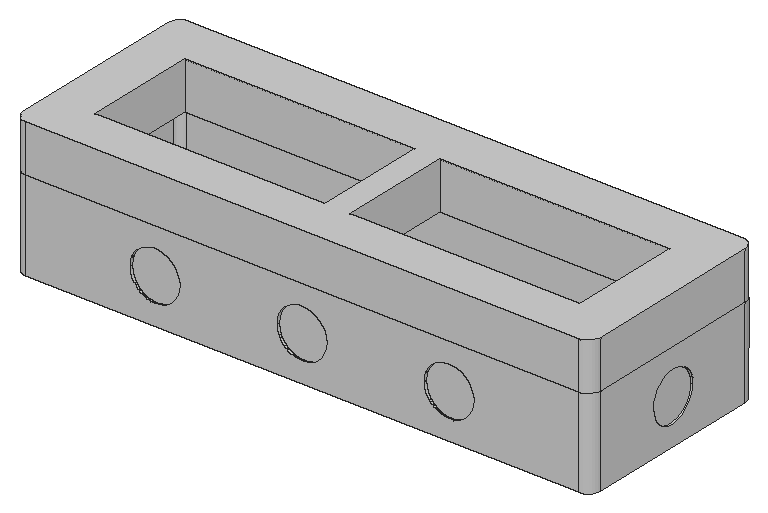
Revit family "Domotics-SerieCivili-GEWISS-27COMBI_SYSTEM-IP40_3P+3P_4P+4P_ORIZ", category Apparecchi elettrici, host Superficie, Revit 2016
Family settings
  Host = Superficie
  Mantenere orientamento annotazione = No
  Tipo di parte = Normale
  Quota connettore circolare = Usa diametro
  Numero OmniClass = 23.80.30.14.24
  Titolo OmniClass = Junction Boxes
  Taglio con vuoti quando caricato = Sì
  Condiviso = No
  Punto di calcolo locali = No
Parameters (values of type "GW27006 - 4x2 posti orizzontali")
  Viti coperchio = "Acciaio resistente alla corrosione"
  Versione file RFA = "19.4"
  URL = "https://www.gewiss.com/it/it"
  Tipo sfondabili = "Asportabili con utensile"
  Tipo = SYSTEM CONTENITORI IP40 2P H_BASE : GW27006 - 4x2 posti orizzontali
  Termopressione con biglia = "70 °C"
  Temperatura di installazione = "-25 +60 °C"
  Scheda Tecnica = "https://www.gewiss.com/it/it/search?q=GW27006"
  SEO = "Contenitore"
  SCATOLA = GEWISS GRIGIO
  Resistenza agli urti = "IK07"
  Produttore = "GEWISS S.p.A."
  Predisposizione scomparti = "2"
  Offset contenitore [instance] = 0 mm
  Offset bidimensionale [instance] = Offset contenitore + 55 mm  # 55 mm
  Norma di riferimento: = "EN 60670-1"
  N. fori Ã˜ 23 sfondabili: = "Laterali 10 / Sul fondo 2"
  N. fori Ã˜ 23 sfondabili = "10"
  Modello = "GW27006"
  Larghezza scatola = 231 mm
  IFC.TypeObject = ""
  IFC.ExportType = ""
  IFC.ExportAs = ""
  IDT = "6f7883e7-52d8-43d5-a5dc-da2a76c29509"
  IDF = "aca4ac36-e89d-4681-96af-a484c4e60e12"
  Grado di protezione = "IP40"
  Glow Wire Test = "650°C"
  Distanza simbolo [instance] = 231.658 mm
  Default Elevation = 1219.2 mm
  Immagine tipo = GW27006.jpg
  Dimensioni BxHxP (mm) = "231x82x55"
  Dim. esterne BxHxP (mm) = "231x82x55"
  Descrizione: = "8 posti"
  Descrizione = "CONTENITORE 8(4X2) POSTI ORIZZ.PROT."
  Creato da GEWISS S.p.A. = ""
  Coppia serraggio viti = "0,8NM"
  Configurazione = "Modulo 4 x 2"
  Colore = "Grigio RAL 7035"
  Codice Electrocod = "0212"
  Codice EAN = "8011564055292"
  Classe isolamento = "II"
  Catalogo Serie = "27COMBI"
  Catalogo = "DOMOTICS"
  Caratteristiche = "Halogen free"
  COBie.Tagnumber = ""
  COBie.CreatedOn = ""
  COBie.CreatebBy = ""
  COBie.ComponentRegisterItemID = ""
  COBie.Component.TagNumber = ""
  COBie.Component.Space = ""
  COBie.Component.SerialNumber = ""
  COBie.Component.InstallationDate = ""
  COBie.Component.Description = ""
  COBie.Component.BarCode = ""
  Bidimensionale = bidimensionale system contenitori IP40 2PH : 4P
  Altezza simbolo [instance] = 102.729 mm
Types (2, lengths in mm): name | Tipo | Scheda Tecnica | N. fori Ã˜ 23 sfondabili: | N. fori Ã˜ 23 sfondabili | Modello | Larghezza scatola | IDT | Immagine tipo | Dimensioni BxHxP (mm) | Dim. esterne BxHxP (mm) | Descrizione: | Descrizione | Configurazione | Codice EAN | Bidimensionale
  GW27005 - 3x2 posti orizzontali | SYSTEM CONTENITORI IP40 2P H_BASE : GW27005 - 3x2 posti orizzontali | "https://www.gewiss.com/it/it/search?q=GW27005" | "Laterali 8 / Sul fondo 2" | "8" | "GW27005" | 198 | "51286d17-6fda-4b61-9aa4-a316d1e4aca8" | GW27005.jpg | "198x82x55" | "198x82x55" | "6 posti" | "CONTENITORE 6(3X2) POSTI ORIZZ.PROT." | "Modulo 3 x 2" | "8011564055285" | bidimensionale system contenitori IP40 2PH : 3P
  GW27006 - 4x2 posti orizzontali | SYSTEM CONTENITORI IP40 2P H_BASE : GW27006 - 4x2 posti orizzontali | "https://www.gewiss.com/it/it/search?q=GW27006" | "Laterali 10 / Sul fondo 2" | "10" | "GW27006" | 231 | "6f7883e7-52d8-43d5-a5dc-da2a76c29509" | GW27006.jpg | "231x82x55" | "231x82x55" | "8 posti" | "CONTENITORE 8(4X2) POSTI ORIZZ.PROT." | "Modulo 4 x 2" | "8011564055292" | bidimensionale system contenitori IP40 2PH : 4P
Reference planes
  plane 1 "Centro (Fronte/Retro)": y = 0
  plane 2: z = 0
  plane 3 "Centro (Sinistra/Destra)": x = 0
  plane 4: z = 0
  plane 5 "piano bidimensionale": z = 55
  plane 6 "1": y = 41
  plane 7 "2": y = -41
  plane 8: x = -115.5
  plane 9: x = 115.5
Forms (mm)
  Extrusion 1, solid, material "GEWISS GRIGIO" <- "SCATOLA", detail levels coarse
    sketch origin (0, 0, 55) x (0, -1, 0) y (1, 0, 0)
      loop
        arc (-41, -110.5) -> (-39.536, -114.036) -> (-36, -115.5) r 5
        line (-36, -115.5) -> (36, -115.5)
        arc (36, -115.5) -> (39.536, -114.036) -> (41, -110.5) r 5
        line (41, -110.5) -> (41, 110.5)
        arc (41, 110.5) -> (39.536, 114.036) -> (36, 115.5) r 5
        line (36, 115.5) -> (-36, 115.5)
        arc (-36, 115.5) -> (-39.536, 114.036) -> (-41, 110.5) r 5
        line (-41, 110.5) -> (-41, -110.5)
    from -55 to 0
Lines and regions (mm)
  Masking region 1
    outline origin (0, 0, 0) x (1, 0, 0) y (0, 0, 1)
      loop
        line (-115.5, 55) -> (-115.5, 0) -> (115.5, 0) -> (115.5, 55) -> (-115.5, 55)
  Masking region 2
    outline origin (0, 0, 0) x (0, 1, 0) y (0, 0, 1)
      loop
        line (-41, 0) -> (41, 0) -> (41, 55) -> (-41, 55) -> (-41, 0)
  Masking region 3, detail levels medium+fine
    outline origin (0, 0, 0) x (1, 0, 0) y (0, 0, 1)
      loop
        circle (0, 18.003) r 10
  Masking region 4, detail levels medium+fine
    outline origin (0, 0, 0) x (1, 0, 0) y (0, 0, 1)
      loop
        circle (75.33, 17.807) r 10
      loop
        circle (-75.33, 17.807) r 10
  Masking region 5, detail levels medium+fine
    outline origin (0, 0, 0) x (0, 1, 0) y (0, 0, 1)
      loop
        circle (0, 17.963) r 10
Dimensions and locks
  "Offset contenitore": plane 4 to host face
  "Offset bidimensionale": plane 5 "piano bidimensionale" to plane 2
  "Larghezza scatola": plane 8 to plane 9
  equal spacing: plane 8, plane 3 "Centro (Sinistra/Destra)", plane 9
  locked: plane 6 "1" to plane 7 "2" at 82
  aligned and locked: plane 2 to host face
  aligned and locked: level to host face
  aligned and locked: Extrusion 1 to plane 4
  aligned and locked: plane 5 "piano bidimensionale" to Extrusion 1
  aligned and locked: plane 4 to Extrusion 1  (x5)
  aligned and locked: plane 6 "1" to Extrusion 1
  aligned and locked: Extrusion 1 to plane 8
  aligned and locked: Extrusion 1 to plane 7 "2"
  aligned and locked: plane 3 "Centro (Sinistra/Destra)" to nested 1
  aligned and locked: plane 1 "Centro (Fronte/Retro)" to nested 1
  aligned and locked: Extrusion 1 sketch curve to plane 8
  aligned and locked: plane 5 "piano bidimensionale" to nested 1
  aligned and locked: plane 1 "Centro (Fronte/Retro)" to nested 2
  aligned and locked: plane 3 "Centro (Sinistra/Destra)" to nested 2
  aligned and locked: Extrusion 1 sketch curve to plane 9
  aligned and locked: nested 2 to plane 4
  aligned and locked: Masking region 1 sketch curve to Extrusion 1  (x3)
  aligned and locked: Masking region 2 sketch curve to Extrusion 1  (x3)
  aligned and locked: plane 9 to Masking region 1
Automatic sketch dimensions
  host sketch curve to host sketch curve = 2438.4 mm  (x2)
  Extrusion 1 sketch curve to plane 6 "1" = 0 mm
  Extrusion 1 sketch curve to plane 7 "2" = 0 mm
  Extrusion 1 sketch curve to plane 6 "1" = 5 mm  (x2)
  plane 7 "2" to Extrusion 1 sketch curve = 5 mm
  Extrusion 1 sketch curve to Extrusion 1 sketch curve = 5 mm
  plane 9 to Masking region 1 sketch curve = 0 mm
  Masking region 2 sketch curve to plane 7 "2" = 0 mm
  Masking region 3 sketch curve to plane 3 "Centro (Sinistra/Destra)" = 0 mm
  plane 4 to Masking region 3 sketch curve = 18.003 mm
  plane 4 to Masking region 4 sketch curve = 17.807 mm  (x2)
  plane 8 to Masking region 4 sketch curve = 40.17 mm
  Masking region 4 sketch curve to plane 9 = 40.17 mm
  Masking region 5 sketch curve to plane 1 "Centro (Fronte/Retro)" = 0 mm
  plane 4 to Masking region 5 sketch curve = 17.963 mm
  radius of Masking region 3 sketch curve = 10 mm
  radius of Masking region 4 sketch curve = 10 mm  (x2)
  radius of Masking region 5 sketch curve = 10 mm
Nested families
  nested 1: "bidimensionale system contenitori IP40 2PH" at (0, 0, 55), type <- "Bidimensionale", type "4P", detail levels coarse
  nested 2: "SYSTEM CONTENITORI IP40 2P H_BASE" at (0, 0, 0), type <- "Tipo", type "GW27006 - 4x2 posti orizzontali"
Connectors
  cabletrayconduit at (-115.5, 0, 18), diameter 20
    settings: on nested 2, index 4, connector width 300 mm, connector height 300 mm, connector angle 0.00°, system type 32, placement type 0, profile type 0, connector reference index -1, is primary connector yes, connector utility param no, connector description ""
  cabletrayconduit at (115.5, 0, 18), diameter 20
    settings: on nested 2, index 8, connector width 300 mm, connector height 300 mm, connector angle 0.00°, system type 32, placement type 0, profile type 0, connector reference index -1, is primary connector no, connector utility param no, connector description ""
  cabletrayconduit at (0, 41, 37.981), diameter 20
    settings: index 9, connector width 300 mm, connector height 300 mm, connector angle 0.00°, system type 32, placement type 0, profile type 0, connector reference index -1, is primary connector no, connector utility param no, connector description ""
  cabletrayconduit at (0, -41, 37.981), diameter 20
    settings: index 10, connector width 300 mm, connector height 300 mm, connector angle 0.00°, system type 32, placement type 0, profile type 0, connector reference index -1, is primary connector no, connector utility param no, connector description ""
  cabletrayconduit at (58.75, 41, 37.981), diameter 20
    settings: index 11, connector width 300 mm, connector height 300 mm, connector angle 0.00°, system type 32, placement type 0, profile type 0, connector reference index -1, is primary connector no, connector utility param no, connector description ""
  cabletrayconduit at (58.75, -41, 37.981), diameter 20
    settings: index 12, connector width 300 mm, connector height 300 mm, connector angle 0.00°, system type 32, placement type 0, profile type 0, connector reference index -1, is primary connector no, connector utility param no, connector description ""
  cabletrayconduit at (-58.83, 41, 37.981), diameter 20
    settings: index 13, connector width 300 mm, connector height 300 mm, connector angle 0.00°, system type 32, placement type 0, profile type 0, connector reference index -1, is primary connector no, connector utility param no, connector description ""
  cabletrayconduit at (-58.83, -41, 37.981), diameter 20
    settings: index 14, connector width 300 mm, connector height 300 mm, connector angle 0.00°, system type 32, placement type 0, profile type 0, connector reference index -1, is primary connector no, connector utility param no, connector description ""
Definition of nested family "SYSTEM CONTENITORI IP40 2P H_BASE"
  Parameters (values of type "GW27005 - 3x2 posti orizzontali")
    SCATOLA = none
    PRESA = none
    Profondità scatola = 55 mm  # constant formula
    Larghezza scatola = 198 mm
    Larghezza foro = 69 mm
    Bidimensionale = 70 mm
    Altezza scatola = 82 mm  # constant formula
    Altezza foro = 45 mm
  Types (2, lengths in mm): name | Larghezza scatola | Larghezza foro
    GW27005 - 3x2 posti orizzontali | 198 | 69
    GW27006 - 4x2 posti orizzontali | 231 | 92
  Reference planes
    plane 1 "Centro (Fronte/Retro)": y = 0
    plane 2: z = 0
    plane 3 "Centro (Sinistra/Destra)": x = 0
    plane 4: y = -41
    plane 5: y = 41
    plane 6: x = -99
    plane 7: x = 99
    plane 8 "PIANO BIDIMENSIONALE": z = 70
    plane 9: z = 55
    plane 10: x = 5
    plane 11: x = 74
    plane 12: y = 21.5
    plane 13: y = -23.5
    plane 14: x = -5
    plane 15: x = -74
    plane 16: x = -58.83
    plane 17: x = 58.83
    plane 18: x = -58.83
    plane 19: x = 58.83
  Forms (mm)
    Extrusion 1, solid, material <- "SCATOLA", detail levels medium+fine
      sketch origin (0, 0, 66) x (0, -1, 0) y (1, 0, 0)
        loop
          arc (-41, -94) -> (-39.536, -97.536) -> (-36, -99) r 5
          line (-36, -99) -> (36, -99)
          arc (36, -99) -> (39.536, -97.536) -> (41, -94) r 5
          line (41, -94) -> (41, 94)
          arc (41, 94) -> (39.536, 97.536) -> (36, 99) r 5
          line (36, 99) -> (-36, 99)
          arc (-36, 99) -> (-39.536, 97.536) -> (-41, 94) r 5
          line (-41, 94) -> (-41, -94)
        loop
          line (36, 97) -> (-36, 97)
          arc (-36, 97) -> (-38.121, 96.121) -> (-39, 94) r 3
          line (-39, 94) -> (-39, -94)
          arc (-39, -94) -> (-38.121, -96.121) -> (-36, -97) r 3
          line (-36, -97) -> (36, -97)
          arc (36, -97) -> (38.121, -96.121) -> (39, -94) r 3
          line (39, -94) -> (39, 94)
          arc (39, 94) -> (38.121, 96.121) -> (36, 97) r 3
      from -66 to -30
    Extrusion 2, void, detail levels medium+fine
      sketch origin (0, 0, 0) x (0, 1, 0) y (0, 0, 1)
        loop
          circle (0, 18) r 10
      from 97.911 to 99
    Extrusion 3, void, detail levels medium+fine
      sketch origin (-81, 0, 0) x (0, 1, 0) y (0, 0, 1)
        loop
          circle (0, 18) r 10
      from -18 to -16.896
    Extrusion 4, void
      sketch origin (0, 0, 0) x (1, 0, 0) y (0, 0, 1)
        loop
          circle (0, 18) r 10
        loop
          circle (58.83, 18) r 10
        loop
          circle (-58.83, 18) r 10
      from 40.113 to 41
    Extrusion 5, solid, material <- "SCATOLA", detail levels medium+fine
      sketch origin (0, 0, 0) x (1, 0, 0) y (0, 1, 0)
        loop
          line (-97, 36) -> (-97, -36)
          arc (-97, -36) -> (-96.121, -38.121) -> (-94, -39) r 3
          line (-94, -39) -> (94, -39)
          arc (94, -39) -> (96.121, -38.121) -> (97, -36) r 3
          line (97, -36) -> (97, 36)
          arc (97, 36) -> (96.121, 38.121) -> (94, 39) r 3
          line (94, 39) -> (-94, 39)
          arc (-94, 39) -> (-96.121, 38.121) -> (-97, 36) r 3
      from 0 to 2
    Extrusion 6, solid, material <- "SCATOLA", detail levels medium+fine
      sketch origin (0, 0, 70) x (-1, 0, 0) y (0, -1, 0)
        loop
          line (99, -36) -> (99, 36)
          arc (99, 36) -> (97.536, 39.536) -> (94, 41) r 5
          line (94, 41) -> (-94, 41)
          arc (-94, 41) -> (-97.536, 39.536) -> (-99, 36) r 5
          line (-99, 36) -> (-99, -36)
          arc (-99, -36) -> (-97.536, -39.536) -> (-94, -41) r 5
          line (-94, -41) -> (94, -41)
          arc (94, -41) -> (97.536, -39.536) -> (99, -36) r 5
        loop
          line (5, 23.5) -> (5, -21.5) -> (74, -21.5) -> (74, 23.5) -> (5, 23.5)
        loop
          line (-5, 23.5) -> (-74, 23.5) -> (-74, -21.5) -> (-5, -21.5) -> (-5, 23.5)
      from -34 to -15
    Extrusion 7, void
      sketch origin (0, 0, 0) x (1, 0, 0) y (0, 0, -1)
        loop
          circle (0, -18) r 10
        loop
          circle (58.83, -18) r 10
        loop
          circle (-58.83, -18) r 10
      from 40.113 to 41
  Cuts and joins
    Extrusion 2, Extrusion 3, Extrusion 4, Extrusion 7 cuts Extrusion 1
  Lines and regions (mm)
    Masking region 1
      outline origin (0, 0, 70) x (-1, 0, 0) y (0, -1, 0)
        loop
          line (-94, -41) -> (94, -41)
          arc (94, -41) -> (97.536, -39.536) -> (99, -36) r 5
          line (99, -36) -> (99, 36)
          arc (99, 36) -> (97.536, 39.536) -> (94, 41) r 5
          line (94, 41) -> (-94, 41)
          arc (-94, 41) -> (-97.536, 39.536) -> (-99, 36) r 5
          line (-99, 36) -> (-99, -36)
          arc (-99, -36) -> (-97.536, -39.536) -> (-94, -41) r 5
        loop
          circle (-94, 36) r 2
        loop
          circle (-94, -36) r 2
        loop
          circle (94, -36) r 2
        loop
          circle (94, 36) r 2
        loop
          line (5, 23.5) -> (5, -21.5) -> (74, -21.5) -> (74, 23.5) -> (5, 23.5)
        loop
          line (-5, 23.5) -> (-74, 23.5) -> (-74, -21.5) -> (-5, -21.5) -> (-5, 23.5)
    Masking region 2
      outline origin (0, 0, 70) x (-1, 0, 0) y (0, -1, 0)
        loop
          line (74, -21.5) -> (74, 23.5) -> (5, 23.5) -> (5, -21.5) -> (74, -21.5)
        loop
          line (-5, -21.5) -> (-5, 23.5) -> (-74, 23.5) -> (-74, -21.5) -> (-5, -21.5)
        loop
          circle (94, -36) r 2
        loop
          circle (94, 36) r 2
        loop
          circle (-94, 36) r 2
        loop
          circle (-94, -36) r 2
  Dimensions and locks
    equal spacing: plane 4, plane 1 "Centro (Fronte/Retro)", plane 5
    plane 4 to plane 5 = 82 mm
    equal spacing: plane 6, plane 3 "Centro (Sinistra/Destra)", plane 7
    "Larghezza scatola": plane 6 to plane 7
    equal spacing: plane 5, plane 1 "Centro (Fronte/Retro)", plane 4
    "Altezza scatola": plane 5 to plane 4
    "Bidimensionale": plane 8 "PIANO BIDIMENSIONALE" to level
    "Profondità scatola": plane 9 to plane 2
    "Larghezza foro": plane 10 to plane 11
    "Altezza foro": plane 12 to plane 13
    "Larghezza foro": plane 15 to plane 14
    locked: plane 14 to plane 10 at 10
    equal spacing: plane 17, plane 3 "Centro (Sinistra/Destra)", plane 16
    locked: cut or joined group of Extrusion 1, Extrusion 2, Extrusion 3, Extrusion 4, Extrusion 7 to Extrusion 6 at 1.089
    locked: Extrusion 6 to cut or joined group of Extrusion 1, Extrusion 2, Extrusion 3, Extrusion 4, Extrusion 7 at 1.104
    plane 19 to plane 18 = 117.659 mm
    aligned and locked: level to plane 2
    aligned and locked: plane 7 to Extrusion 2
    aligned and locked: Extrusion 4 to plane 4
    aligned and locked: Extrusion 5 to cut or joined group of Extrusion 1, Extrusion 2, Extrusion 3, Extrusion 4, Extrusion 7  (x4)
    aligned and locked: Extrusion 3 to plane 6
    aligned and locked: cut or joined group of Extrusion 1, Extrusion 2, Extrusion 3, Extrusion 4, Extrusion 7 to plane 2
    aligned and locked: Extrusion 1 to level
    aligned and locked: Extrusion 6 sketch curve to cut or joined group of Extrusion 1, Extrusion 2, Extrusion 3, Extrusion 4, Extrusion 7  (x4)
    aligned and locked: Extrusion 6 sketch curve to plane 12
    aligned and locked: Extrusion 6 sketch curve to plane 13
    aligned and locked: Extrusion 6 sketch curve to plane 10
    aligned and locked: plane 12 to Extrusion 6 sketch curve
    aligned and locked: plane 11 to Extrusion 6 sketch curve
    aligned and locked: Extrusion 6 to cut or joined group of Extrusion 1, Extrusion 2, Extrusion 3, Extrusion 4, Extrusion 7
    aligned and locked: Extrusion 6 to plane 9
    aligned and locked: plane 15 to Extrusion 6 sketch curve
    aligned and locked: Masking region 1 sketch curve to Extrusion 6  (x6)
    aligned and locked: Masking region 1 sketch curve to plane 12
    aligned and locked: Masking region 2 sketch curve to Extrusion 6  (x5)
    aligned and locked: plane 10 to Masking region 2 sketch curve
    aligned and locked: Masking region 2 sketch curve to plane 12
    aligned and locked: Masking region 2 sketch curve to plane 11
    aligned and locked: Masking region 1 to plane 6
    aligned and locked: plane 7 to Masking region 1
    aligned and locked: Extrusion 7 sketch curve to cut or joined group of Extrusion 1, Extrusion 2, Extrusion 3, Extrusion 4, Extrusion 7  (x2)
  Automatic sketch dimensions
    Extrusion 1 sketch curve to Extrusion 1 sketch curve = 0 mm  (x8)
    Extrusion 1 sketch curve to plane 5 = 0 mm
    Extrusion 1 sketch curve to plane 6 = 0 mm
    Extrusion 1 sketch curve to plane 7 = 0 mm
    Extrusion 1 sketch curve to plane 4 = 0 mm
    Extrusion 1 sketch curve to Extrusion 1 sketch curve = 2 mm
    Extrusion 1 sketch curve to Extrusion 1 sketch curve = 3 mm  (x4)
    Extrusion 2 sketch curve to plane 1 "Centro (Fronte/Retro)" = 0 mm
    level to Extrusion 2 sketch curve = 18 mm
    Extrusion 3 sketch curve to plane 1 "Centro (Fronte/Retro)" = 0 mm
    level to Extrusion 3 sketch curve = 18 mm
    plane 6 to Extrusion 5 sketch curve = 2 mm
    plane 4 to Extrusion 5 sketch curve = 2 mm
    Extrusion 5 sketch curve to Extrusion 5 sketch curve = 3 mm  (x2)
    Extrusion 5 sketch curve to plane 7 = 5 mm  (x2)
    Extrusion 5 sketch curve to plane 7 = 2 mm
    Extrusion 5 sketch curve to plane 5 = 5 mm
    Extrusion 6 sketch curve to plane 13 = 0 mm
    Extrusion 6 sketch curve to plane 14 = 0 mm
    Extrusion 6 sketch curve to plane 7 = 5 mm  (x2)
    Extrusion 6 sketch curve to Extrusion 6 sketch curve = 5 mm
    plane 6 to Extrusion 6 sketch curve = 5 mm
    Masking region 1 sketch curve to Masking region 1 sketch curve = 0 mm  (x8)
    Masking region 1 sketch curve to plane 11 = 0 mm
    Masking region 1 sketch curve to plane 10 = 0 mm
    Masking region 1 sketch curve to plane 15 = 0 mm
    Masking region 1 sketch curve to plane 13 = 0 mm  (x2)
    Masking region 1 sketch curve to Masking region 1 sketch curve = 5 mm  (x2)
    plane 4 to Masking region 1 sketch curve = 5 mm  (x2)
    Masking region 2 sketch curve to Masking region 2 sketch curve = 0 mm  (x8)
    Masking region 2 sketch curve to plane 7 = 5 mm  (x2)
    plane 6 to Masking region 2 sketch curve = 5 mm  (x2)
    Masking region 2 sketch curve to plane 5 = 5 mm  (x2)
    plane 4 to Masking region 2 sketch curve = 5 mm  (x2)
    Masking region 2 sketch curve to Masking region 2 sketch curve = 2 mm  (x4)
    Extrusion 7 sketch curve to plane 3 "Centro (Sinistra/Destra)" = 0 mm
    Extrusion 7 sketch curve to plane 19 = 0 mm
    level to Extrusion 7 sketch curve = 18 mm  (x2)
    Extrusion 7 sketch curve to plane 14 = 5 mm
    Extrusion 7 sketch curve to plane 19 = 10 mm
    Extrusion 4 sketch curve to Extrusion 4 sketch curve = 0 mm  (x6)
    Extrusion 4 sketch curve to plane 16 = 0 mm
    Extrusion 4 sketch curve to plane 3 "Centro (Sinistra/Destra)" = 0 mm
    Extrusion 4 sketch curve to plane 17 = 0 mm
    level to Extrusion 4 sketch curve = 18 mm  (x3)
    Extrusion 4 sketch curve to plane 16 = 10 mm
    Extrusion 4 sketch curve to plane 14 = 5 mm
    Extrusion 4 sketch curve to plane 17 = 10 mm
    radius of Extrusion 2 sketch curve = 10 mm
    radius of Extrusion 3 sketch curve = 10 mm
    radius of Masking region 1 sketch curve = 2 mm  (x4)
Definition of nested family "bidimensionale system contenitori IP40 2PH"
  Parameters (values of type "4P")
    Larghezza scatola = 231 mm
    Larghezza foro = 92 mm
    Altezza scatola = 82 mm
    Altezza foro = 45 mm  # constant formula
  Types (2, lengths in mm): name | Larghezza scatola | Larghezza foro
    4P | 231 | 92
    3P | 198 | 69
  Reference planes
    plane 1 "Centro (Fronte/Retro)": y = 0
    plane 2: z = 0
    plane 3 "Centro (Sinistra/Destra)": x = 0
    plane 4: x = -115.5
    plane 5: x = 115.5
    plane 6: y = 41
    plane 7: y = -41
    plane 8: y = 21.5
    plane 9: y = -23.5
    plane 10: x = -97
    plane 11: x = -5
    plane 12: x = 5
    plane 13: x = 97
  Lines and regions (mm)
    model lines
      curve 1: line (-115.5, -36, 0) -> (-115.5, 36, 0)
      curve 2: arc (-115.5, 36, 0) -> (-114.036, 39.536, 0) -> (-110.5, 41, 0) r 5
      curve 3: line (-110.5, 41, 0) -> (110.5, 41, 0)
      curve 4: arc (110.5, 41, 0) -> (114.036, 39.536, 0) -> (115.5, 36, 0) r 5
      curve 5: line (115.5, 36, 0) -> (115.5, -36, 0)
      curve 6: arc (115.5, -36, 0) -> (114.036, -39.536, 0) -> (110.5, -41, 0) r 5
      curve 7: line (110.5, -41, 0) -> (-110.5, -41, 0)
      curve 8: arc (-110.5, -41, 0) -> (-114.036, -39.536, 0) -> (-115.5, -36, 0) r 5
      curve 9: circle (-110.5, 36, 0) r 2 normal (0, 0, 1)
      curve 10: circle (110.5, 36, 0) r 2 normal (0, 0, 1)
      curve 11: circle (110.5, -36, 0) r 2 normal (0, 0, 1)
      curve 12: circle (-110.5, -36, 0) r 2 normal (0, 0, 1)
      curve 13: line (-97, -23.5, 0) -> (-5, -23.5, 0)
      curve 14: line (-97, 22.5, 0) -> (-97, -23.5, 0)
      curve 15: line (-5, 21.5, 0) -> (-97, 21.5, 0)
      curve 16: line (-5, -23.5, 0) -> (-5, 22.5, 0)
      curve 17: line (5, -23.5, 0) -> (97, -23.5, 0)
      curve 18: line (5, 22.5, 0) -> (5, -23.5, 0)
      curve 19: line (97, 21.5, 0) -> (5, 21.5, 0)
      curve 20: line (97, -23.5, 0) -> (97, 22.5, 0)
      curve 21: arc (-95, 24.5, 0) -> (-96.414, 23.914, 0) -> (-97, 22.5, 0) r 2
      curve 22: line (-95, 24.5, 0) -> (-7, 24.5, 0)
      curve 23: arc (-5, 22.5, 0) -> (-5.586, 23.914, 0) -> (-7, 24.5, 0) r 2
      curve 24: arc (7, 24.5, 0) -> (5.586, 23.914, 0) -> (5, 22.5, 0) r 2
      curve 25: line (95, 24.5, 0) -> (7, 24.5, 0)
      curve 26: arc (97, 22.5, 0) -> (96.414, 23.914, 0) -> (95, 24.5, 0) r 2
  Dimensions and locks
    equal spacing: plane 6, plane 1 "Centro (Fronte/Retro)", plane 7
    equal spacing: plane 4, plane 3 "Centro (Sinistra/Destra)", plane 5
    "Altezza scatola": plane 6 to plane 7
    "Larghezza scatola": plane 4 to plane 5
    "Altezza foro": plane 9 to plane 8
    "Larghezza foro": plane 10 to plane 11
    "Larghezza foro": plane 12 to plane 13
    plane 11 to plane 12 = 10 mm
    equal spacing: plane 10, plane 3 "Centro (Sinistra/Destra)", plane 13
    aligned and locked: level to plane 2
    aligned and locked: plane 9 to curve 13
    aligned and locked: curve 14 to plane 10
    aligned and locked: curve 15 to plane 8
    aligned and locked: plane 11 to curve 16
    aligned and locked: plane 9 to curve 17
    aligned and locked: curve 18 to plane 12
    aligned and locked: curve 19 to plane 8
    aligned and locked: plane 13 to curve 20
  Automatic sketch dimensions
    curve 2 to curve 9 = 0 mm  (x2)
    curve 4 to curve 10 = 0 mm  (x2)
    curve 6 to curve 11 = 0 mm  (x2)
    curve 8 to curve 12 = 0 mm  (x2)
    curve 1 to plane 4 = 0 mm
    curve 3 to plane 6 = 0 mm
    curve 8 to plane 7 = 0 mm
    curve 4 to plane 5 = 0 mm
    plane 4 to curve 3 = 5 mm
    curve 1 to curve 12 = 5 mm
    curve 3 to plane 5 = 5 mm
    curve 11 to plane 5 = 5 mm
    plane 10 to curve 21 = 2 mm
    curve 24 to plane 8 = 1 mm
    curve 25 to plane 13 = 2 mm
    curve 26 to plane 8 = 1 mm
    curve 15 to curve 14 = 1 mm
    curve 15 to curve 23 = 1 mm
    curve 24 to curve 25 = 2 mm
    radius of curve 9 = 2 mm
    radius of curve 10 = 2 mm
    radius of curve 11 = 2 mm
    radius of curve 12 = 2 mm
